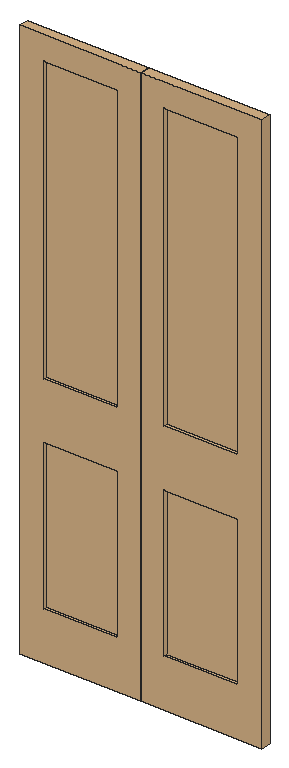
Revit family "0001_M_DR_W_bifold-2 panel_no trim", category 문, Revit 2026
Family settings
  호스트 = 벽
  항상 수직 = 예
  로드될 때 보이드를 사용하여 절단 = 아니오
  공유 = 아니오
  룸 계산 점 = 아니오
Parameters (values of type "36" x 84"")
  두께 = 0' - 2"
  조합 코드 = "C1020"
  기능 = 내부
  Door Material = Door - Panel
  Frame Material = Door - Frame
  Height = 7' - 0"
  벽 마무리 = 호스트별
  Width = 3' - 0"
Types (6): name | 두께 | 조합 코드 | Height | Width
  36" x 84" | 0' - 2" | "C1020" | 7' - 0" | 3' - 0"
  32" x 84" | 0' - 2" | "C1020" | 7' - 0" | 2' - 8"
  30" x 84" | 0' - 2" | "C1020" | 7' - 0" | 2' - 6"
  30" x 80" | 0' - 2" | "C1020" | 6' - 8" | 2' - 6"
  36" x 80" | 0' - 2" | "C1020" | 6' - 8" | 3' - 0"
  0915 x 2134mm | 0' - 1.9685" | 0' - 0" | 7' - 0.01575" | 3' - 0.02362"
Reference planes (in)
  plane 1: y = 0
  plane 2: z = 0
  plane 3: x = 0
  plane 4: x = -18
  plane 5: x = 18
  plane 6: z = 84
  plane 7: x = 2
  plane 8: x = -14
  plane 9: z = 7.25
  plane 10: z = 80.5
  plane 11: z = 29.5
  plane 12: z = 37.9968
  plane 13: x = -14.5
  plane 14: x = -3.5
  plane 15: x = 3.5
  plane 16: x = 14.5
  plane 17: y = 2
  plane 18: y = 2.5
Forms (in)
  Extrusion 1, solid, material "Door - Panel" <- "Door Material"
    sketch origin (0, 0, 0) x (1, 0, 0) y (0, 0, 1)
      loop
        line (0, 84) -> (0, 0) -> (18, 0) -> (18, 84) -> (0, 84)
      loop
        line (14.5, 80.5) -> (3.5, 80.5) -> (3.5, 37.9968) -> (14.5, 37.9968) -> (14.5, 80.5)
      loop
        line (14.5, 29.5) -> (3.5, 29.5) -> (3.5, 7.25) -> (14.5, 7.25) -> (14.5, 29.5)
    from -3 to -1.5
  Extrusion 2, solid, material "Door - Panel" <- "Door Material"
    sketch origin (0, 1.5, 0) x (0, 0, -1) y (1, 0, 0)
      loop
        line (-80.5, -3.5) -> (-80.5, -14.5) -> (-37.9968, -14.5) -> (-37.9968, -3.5) -> (-80.5, -3.5)
      loop
        line (-29.5, -3.5) -> (-29.5, -14.5) -> (-7.25, -14.5) -> (-7.25, -3.5) -> (-29.5, -3.5)
      loop
        line (-80.5, 14.5) -> (-80.5, 3.5) -> (-37.9968, 3.5) -> (-37.9968, 14.5) -> (-80.5, 14.5)
      loop
        line (-29.5, 14.5) -> (-29.5, 3.5) -> (-7.25, 3.5) -> (-7.25, 14.5) -> (-29.5, 14.5)
    from -1 to -0.5
  Extrusion 3, solid, material "Door - Panel" <- "Door Material"
    sketch origin (0, 1.5, 0) x (0, 0, -1) y (1, 0, 0)
      loop
        line (-84, -18) -> (0, -18) -> (0, 0) -> (-84, 0) -> (-84, -18)
      loop
        line (-80.5, -14.5) -> (-37.9968, -14.5) -> (-37.9968, -3.5) -> (-80.5, -3.5) -> (-80.5, -14.5)
      loop
        line (-29.5, -14.5) -> (-7.25, -14.5) -> (-7.25, -3.5) -> (-29.5, -3.5) -> (-29.5, -14.5)
    from -1.5 to 0
Lines and regions (in)
  Opening 1
    outline origin (-60, -3, 144) x (0, 0, -1) y (1, 0, 0)
      loop
        line (60, 42) -> (144, 42) -> (144, 78) -> (60, 78) -> (60, 42)
  model lines, style "InvisibleLines"
    curve 1: line (18, 0, 42) -> (0, 0, 42)
  symbolic lines, style "DoorsPanelProjection"
    curve 2: line (-13.99907, 2.99846, 0) -> (1.19587, 12.64801, 0)
    curve 3: line (-13.19494, 1.73221, 0) -> (-13.99907, 2.99846, 0)
    curve 4: line (2, 11.38176, 0) -> (-13.19494, 1.73221, 0)
    curve 5: line (1.19587, 12.64801, 0) -> (2, 11.38176, 0)
    curve 8: line (17.99907, 2.99846, 0) -> (2.80413, 12.64801, 0)
    curve 9: line (17.19494, 1.73221, 0) -> (17.99907, 2.99846, 0)
    curve 10: line (2, 11.38176, 0) -> (17.19494, 1.73221, 0)
    curve 11: line (2.80413, 12.64801, 0) -> (2, 11.38176, 0)
  symbolic lines, style "InvisibleLines", detail levels coarse
    curve 6: line (18, 3, 0) -> (2, 11.38176, 0)
    curve 7: line (2, 11.38176, 0) -> (-14, 3, 0)
  symbolic lines, style "Elevation Swing"
    curve 12: line (-18, 0, 84) -> (0, 0, 42)
    curve 13: line (-18, 0, 0) -> (0, 0, 42)
    curve 14: line (0, 0, 84) -> (18, 0, 42)
    curve 15: line (0, 0, 0) -> (18, 0, 42)
Dimensions and locks (in)
  equal spacing: plane 4, plane 3, plane 5
  "Width": plane 4 to plane 5
  "Height": plane 6 to plane 2
  locked: Extrusion 1 to host wall at 1.5
  equal spacing: plane 6, curve 1, plane 2
  equal spacing: plane 8, plane 7, plane 5
  plane 4 to plane 8 = 0' - 4"
  plane 12 to plane 11 to plane 9 to plane 2 = 0' - 8.4968", 1' - 10 1/4", 0' - 7 1/4"
  plane 6 to plane 10 = 0' - 3 1/2"
  locked: plane 4 to plane 13 at 3.5
  locked: plane 14 to plane 3 at 3.5
  locked: plane 3 to plane 15 at 3.5
  locked: plane 16 to plane 5 at 3.5
  locked: plane 18 to plane 17 at 0.5
  locked: host wall to Extrusion 3 at 1.5
  locked: host wall to plane 18 at 0.5
  aligned and locked: host wall to Extrusion 1
  aligned and locked: Extrusion 1 sketch curve to plane 3
  aligned and locked: plane 16 to Extrusion 1 sketch curve  (x2)
  aligned and locked: Extrusion 1 sketch curve to plane 10
  aligned and locked: plane 12 to Extrusion 1 sketch curve
  aligned and locked: plane 15 to Extrusion 1 sketch curve  (x2)
  aligned and locked: Extrusion 1 sketch curve to plane 11
  aligned and locked: plane 9 to Extrusion 1 sketch curve
  aligned and locked: plane 13 to Extrusion 2 sketch curve
  aligned and locked: Extrusion 2 sketch curve to Extrusion 1  (x8)
  aligned and locked: Extrusion 2 to plane 18
  aligned and locked: plane 17 to Extrusion 2
  aligned and locked: Extrusion 3 sketch curve to host wall
  aligned and locked: Extrusion 3 sketch curve to Extrusion 1  (x2)
  aligned and locked: host wall to Extrusion 3
  aligned and locked: Extrusion 3 sketch curve to Extrusion 2  (x8)
  aligned: Extrusion 1 to curve 15
Automatic sketch dimensions
  Opening 1 sketch curve to plane 6 = 0' - 0"
  Opening 1 sketch curve to level = 0' - 0"
  Opening 1 sketch curve to plane 4 = 0' - 0"
  Opening 1 sketch curve to plane 5 = 0' - 0"
  curve 7 to host wall = 0' - 0"
  curve 7 to plane 8 = 0' - 0"
  curve 4 to plane 7 = 0' - 0"
  curve 6 to plane 5 = 0' - 0"
  plane 8 to curve 2 = 0' - 0.00093"
  plane 8 to curve 3 = 0' - 0.80506"
  plane 7 to curve 11 = 0' - 0.80413"
  plane 5 to curve 9 = 0' - 0.80506"
  curve 9 to host wall = 0' - 0.00154"
  curve 2 to host wall = 0' - 0.00154"
  curve 4 to curve 3 = 0' - 1.26624"
  curve 6 to host wall = 0' - 0"
  Extrusion 1 sketch curve to plane 5 = 0' - 0"
  Extrusion 1 sketch curve to level = 0' - 0"
  Extrusion 1 sketch curve to plane 6 = 0' - 0"
  Extrusion 2 sketch curve to plane 10 = 0' - 0"
  Extrusion 2 sketch curve to plane 12 = 0' - 0"
  Extrusion 2 sketch curve to plane 11 = 0' - 0"
  Extrusion 2 sketch curve to plane 9 = 0' - 0"
  Extrusion 2 sketch curve to plane 13 = 0' - 0"
  Extrusion 2 sketch curve to plane 14 = 0' - 0"  (x2)
  Extrusion 3 sketch curve to plane 4 = 0' - 0"
  curve 12 to plane 4 = 0' - 0"
  curve 12 to plane 6 = 0' - 0"
  curve 14 to plane 3 = 0' - 0"
  curve 14 to plane 6 = 0' - 0"
  curve 12 to plane 3 = 0' - 0"
  curve 14 to plane 5 = 0' - 0"
  curve 15 to level = 0' - 0"
  curve 13 to level = 0' - 0"
  curve 13 to plane 4 = 0' - 0"
  curve 1 to plane 3 = 0' - 0"
  curve 15 to plane 3 = 0' - 0"
  curve 1 to plane 5 = 0' - 0"
  curve 12 to curve 1 = 0' - 0"
  curve 14 to curve 1 = 0' - 0"
